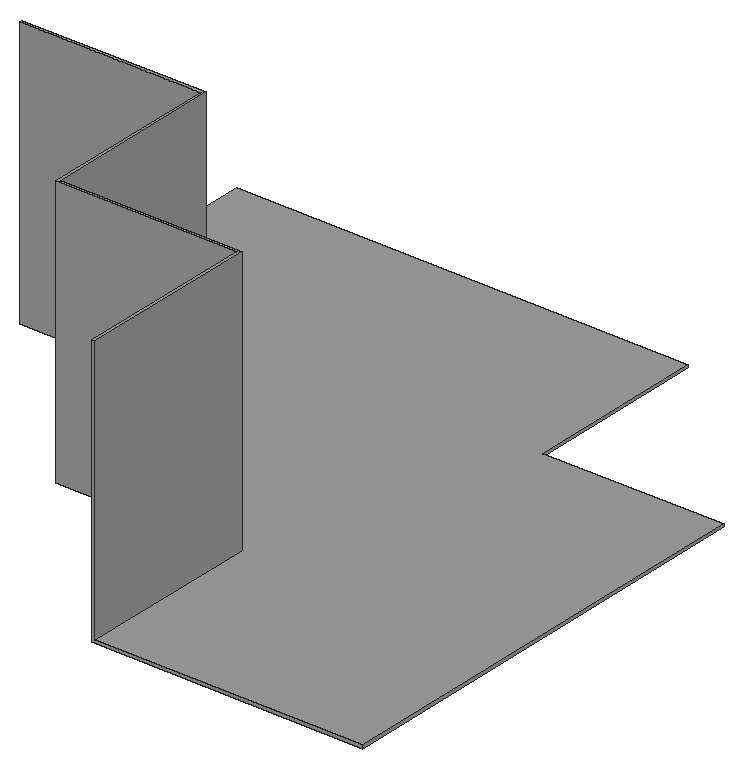
Revit family "Flashing_Preformed_Hyload_Type444", category Generic Models, Revit 2013
Parameters (values of type "As Specified")
  Unit Width = 0' - 8"
  Unit Height = 0' - 6"
  Unit Depth = 0' - 4"
  URL = "http://www.hyload.com/"
  Thickness = 0' - 0 1/16"
  Specification = "http://www.arcat.com/sdspecs/htm04/07_65_00hyl.htm"
  Sales Information = "http://www.hyload.com/contact-us"
  Revision = "R1_12-2015"
  Product Properties = "http://www.hyload.com/masonry-flashing/preformed-shapes/"
  Product Data = "http://www.arcat.com/arcatcos/cos33/arc33176.html"
  Model = "Type 444"
  Manufacturer Website = "http://www.hyload.com/"
  Manufacturer Phone - Toll Free = "800-457-4056"
  Manufacturer Phone = "330-769-3546"
  Manufacturer Fax = "330-769-4153"
  Manufacturer Address = "5020 Panther Pkwy., Seville, OH 44273"
  Manufacturer = "Hyload"
  Keynote = "07 65 00"
  Flashing Material = Hyload Flashing Membrane - Grey
  Drawn By = "Robert S. Weygant / Sumex Design"
  Description = "Preformed Hyload Masonry Flashing - Type 444"
  Copyright = "(c) ARCAT, Inc, 2015"
  Construction Details = "http://www.arcat.com/details/hyload/hyload.html?coid=33176"
  Assembly Code = "B3010400"
Reference planes (in)
  plane 1 "Center (Front/Back)": y = 0
  plane 2: z = 0
  plane 3 "Center (Left/Right)": x = 0
  plane 4: y = 4
  plane 5: x = 4
  plane 6: z = 6
  plane 7: y = -4
  plane 8: x = -4
Forms (in)
  Sweep 1, solid, material "Hyload Flashing Membrane - Grey" <- "Flashing Material"
    path origin (0, 0, 0) x (1, 0, 0) y (0, 1, 0)
      loop
        line (0, -4) -> (0, 0) -> (-4, 0) -> (-4, 4) -> (-8, 4)
    profile origin (0, -2, 0) x (-1, 0, 0) y (0, 0, 1)
      loop
        line (0, 0) -> (0, 6) -> (-0.0625, 6) -> (-0.0625, 0.0625) -> (-6, 0.0625) -> (-6, 0) -> (0, 0)
Dimensions and locks (in)
  "Unit Depth": plane 1 "Center (Front/Back)" to plane 4
  "Unit Depth": plane 3 "Center (Left/Right)" to plane 5
  "Thickness": Sweep 1 sketch curve to plane 3 "Center (Left/Right)"
  "Thickness": Sweep 1 sketch curve to level
  "Unit Height": plane 6 to level
  "Unit Width": plane 8 to plane 5
  "Unit Width": plane 4 to plane 7
  aligned and locked: plane 2 to level
  aligned and locked: Sweep 1 sketch curve to plane 1 "Center (Front/Back)"
  aligned and locked: plane 3 "Center (Left/Right)" to Sweep 1 sketch curve
  aligned and locked: Sweep 1 sketch curve to level
  aligned and locked: plane 6 to Sweep 1 sketch curve
  aligned and locked: plane 7 to Sweep 1 sketch curve
  aligned and locked: plane 4 to Sweep 1 sketch curve
  aligned and locked: plane 8 to Sweep 1 sketch curve
Automatic sketch dimensions
  Sweep 1 sketch curve to profile plane = 0' - 0"
  Sweep 1 sketch curve to Sweep 1 sketch curve = 0' - 5 15/16"
  Sweep 1 sketch curve to Sweep 1 sketch curve = 0' - 4"
